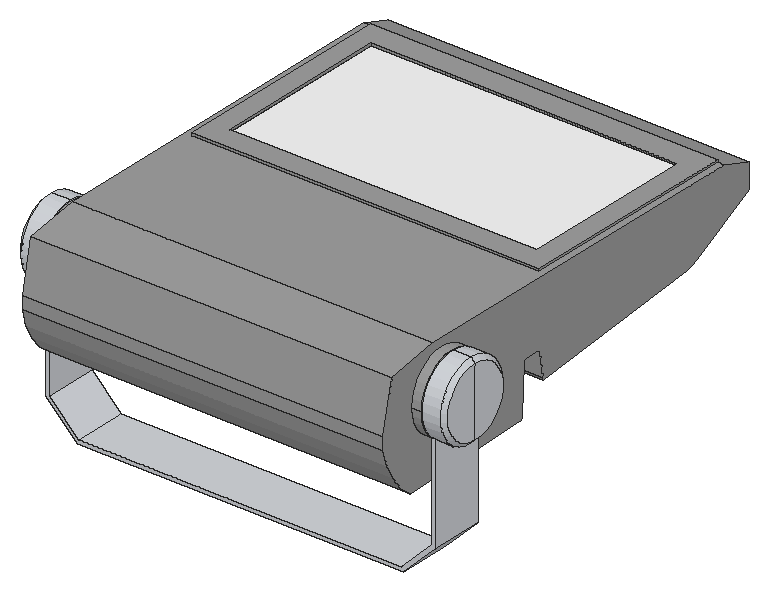
Revit family "0049102 Feilo Sylvania Lighting Fixture SYLVEO LED 3000LM RASYM 4K", category Lighting Fixtures, host Face, Revit 2017
Family settings
  Host = Face
  Round Connector Dimension = Use Diameter
  Part Type = Normal
  OmniClass Number = 23.80.70.00
  OmniClass Title = Lighting
  Cut with Voids When Loaded = No
  Light Source = No
  Shared = No
  Room Calculation Point = No
Parameters (values of type "0049102 SYLVEO LED 3000LM RASYM 4K")
  _DistributedBy = ""
  _CurrentRevision = 0
  _CreatedBy = "http://www.feilosylvania.com"
  _BimstoreBibleVersion = "Version 15"
  _BimSpecGuid = 0
  _Author = "n/a"
  Weight = "10.986 kg"
  Wattage Comments = "n/a"
  WarrantyStartDate [instance] = "n/a"
  WarrantyGuarantorParts = "n/a"
  WarrantyDurationUnit = "n/a"
  WarrantyDurationParts = "n/a"
  WarrantyDescription = "n/a"
  Voltage = 230 V
  URL = "http://www.sylvania-lighting.com"
  TypeName = "SYLVEO LED 3000LM RASYM 4K"
  TypeBody_FEILO = Sylveo Body S : 0049102 SYLVEO LED 3000LM RASYM 4K
  Type Image = <None>
  Type Comments = "n/a"
  TotalWidth = 205 mm
  TiltAngle [instance] = 0.00°
  StartAngle [instance] = -TiltAngle  # 0.00°
  PhotobiologicalRiskGroup = "RG1"
  Material_4_FEILO = none
  Material_3_FEILO = Diffuser-Sylvania-Glow
  Material_2_FEILO = Default
  Material_1_FEILO = none
  LuminousFlux = 3189 lm
  EndAngle [instance] = StartAngle + 180.00°  # 180.00°
  SerialNumber [instance] = "n/a"
  PowerFactor = 0
  PowerConsumption = "30.3 W"
  NominalLength = 205 mm
  NominalHeight = 219 mm
  NominalDepth = 59 mm
  Name = "SYLVEO LED 3000LM RASYM 4K"
  NBSReference = "n/a"
  NBSOfficeMasterTag = "n/a"
  NBSObjectName = "n/a"
  NBSNote = "n/a"
  NBSDescription = "n/a"
  ModelReference = "SYLVEO LED 3000LM RASYM 4K"
  ModelNumber = "0049102"
  Model = ModelReference  # "SYLVEO LED 3000LM RASYM 4K"
  Material = "aluminium housing, glass diffuser"
  ManufacturerName = "Feilo Sylvania"
  Manufacturer = "Feilo Sylvania"
  LuminaireType = ""
  LuminairePowerFactor = "n/a"
  LightOutputRatio = "100"
  LampsType = "LED"
  LampsColourRenderingIndex = "70"
  Lamp = "LED"
  Keynote = "16500"
  InstallationDate [instance] = "n/a"
  InputVoltage = "100-240V~"
  InputNominalFrequency = "50 Hz"
  IngressProtection = "IP66"
  ImpactProtectionIndex = "IK08"
  IfcExportType = "IfcLightFixtureType"
  IfcExportAs = "IfcLightFixtureType"
  Finish = "Die cast"
  ExpectedLife = 50000
  ElectricShockClassification = "Class I"
  DurationUnit = "hours"
  DocumentationLiterature = "http://www.sylvania-lighting.com/product/en-int/products/0049102"
  DimmingControlOptions = "Non dimmable"
  Diffuser Material = "Glass"
  Diffuser Finish = "Clear"
  Description = "Exterior LED Floodlight, comes complete with a 1000mm cable and adjustable bracket, aluminium housing, clear glass diffuser, IP66, IK08, Class I, 4000K, Non-dimming, 3189lm, 30W, 105lm/W, 850mA, CRI70, 52°x117° beam angle, 50000hrs, (LxWxD) 49x205x219mm"
  Default Elevation = 1219.2 mm
  CreatedOn = "1/9/2018"
  CreatedBy = ""
  Cost = 0
  ColorTemperature = 4000 K
  ColorConsistency(SDCM) = "6"
  Color = "Aluminium"
  built-in parameter 1114216 [instance] = (empty or 0)
  ClassificationValue = "EF_70_80"
  ClassificationName = "Uniclass2015"
  BracketWidth = 25 mm
  BracketInnerWidth = 183 mm
  BracketExtrusionStart = -BracketWidth / 2  # -12.5 mm
  BracketExtrusionEnd = BracketWidth / 2  # 12.5 mm
  BarCode [instance] = "n/a"
  BIMObjectName = "n/a"
  AssetType = "Fixed"
  AssetIdentifier [instance] = "n/a"
  Assembly Code = "D5020200"
  Apparent Load = 30.3 VA
Reference planes
  plane 1 "Center (Front/Back)": y = 0
  plane 2: z = 0
  plane 3 "Center (Left/Right)": x = 0
  plane 4: x = 91.5
  plane 5: x = -91.5
  plane 6: z = 76
  plane 7: x = 102.5
  plane 8: x = -102.5
  plane 9: z = 94.5
  plane 10: z = 57.5
  plane 11: x = 100.5
  plane 12: x = -100.5
  plane 13: x = 93.5
  plane 14: x = -93.5
  plane 15: z = 2
  plane 16: z = 16
  plane 17: x = 77.5
  plane 18: x = -77.5
  plane 19: z = 59.5
Forms (mm)
  Extrusion 1, solid
    sketch origin (0, 0, 0) x (1, 0, 0) y (0, 0, 1)
      loop
        line (0, 2) -> (0, 0) -> (78.328, 0) -> (93.5, 15.172) -> (93.5, 76) -> (91.5, 76) -> (91.5, 16) -> (77.5, 2) -> (0, 2)
    from -12.5 to 12.5 <- "BracketExtrusionEnd"
  Extrusion 2, solid
    sketch origin (0, 0, 0) x (-1, 0, 0) y (0, 0, -1)
      loop
        line (0, -2) -> (77.5, -2) -> (91.5, -16) -> (91.5, -76) -> (93.5, -76) -> (93.5, -15.172) -> (78.328, 0) -> (0, 0) -> (0, -2)
    from -12.5 to 12.5 <- "BracketExtrusionEnd"
  Revolve 3, solid
    sketch origin (0, 0, 0) x (1, 0, 0) y (0, 0, 1)
      loop
        line (-91.5, 76) -> (-102.5, 76) -> (-102.5, 59.5) -> (-100.5, 57.5) -> (-91.5, 57.5) -> (-91.5, 76)
      axis (-91.5, 76) -> (-102.5, 76)
    angle from 0 to 360
  Revolve 4, solid
    sketch origin (0, 0, 0) x (-1, 0, 0) y (0, 0, 1)
      loop
        line (-91.5, 76) -> (-102.5, 76) -> (-102.5, 59.5) -> (-100.5, 57.5) -> (-91.5, 57.5) -> (-91.5, 76)
      axis (-91.5, 76) -> (-102.5, 76)
    angle from 0 to 360
  Revolve 5, solid, not visible
    sketch origin (181.107, 0, 76) x (1, 0, 0) y (0, 1, 0)
      loop
        line (-191.101, 0) -> (-171.112, 0) -> (-171.112, 10) -> (-191.101, 10) -> (-191.101, 0)
      axis (-171.112, 0) -> (-191.101, 0)
    angle from 0 <- "StartAngle" to 180 <- "EndAngle"
Cuts and joins
  joined: Extrusion 1, Extrusion 2, Revolve 3, Revolve 4
Dimensions and locks
  equal spacing: plane 5, plane 3 "Center (Left/Right)", plane 4
  "BracketInnerWidth": plane 5 to plane 4
  equal spacing: plane 7, plane 3 "Center (Left/Right)", plane 8
  "TotalWidth": plane 7 to plane 8
  locked: plane 2 to plane 6 at 76
  equal spacing: plane 10, plane 6, plane 9
  locked: plane 10 to plane 9 at 37
  equal spacing: plane 11, plane 3 "Center (Left/Right)", plane 12
  locked: plane 11 to plane 12 at 201
  equal spacing: plane 13, plane 3 "Center (Left/Right)", plane 14
  locked: plane 13 to plane 14 at 187
  locked: plane 2 to plane 16 at 16
  locked: plane 2 to plane 15 at 2
  equal spacing: plane 17, plane 3 "Center (Left/Right)", plane 18
  locked: plane 17 to plane 18 at 155
  locked: plane 19 to plane 10 at 2
  locked: Revolve 5 sketch curve to Revolve 5 sketch curve at 10
  equal spacing: Revolve 5 sketch curve, plane 3 "Center (Left/Right)", Revolve 5 sketch curve
  locked: Revolve 5 sketch curve to Revolve 5 sketch curve at 19.988
  aligned and locked: plane 2 to host face
  aligned and locked: level to host face
  aligned and locked: Revolve 3 sketch curve to plane 10
  aligned and locked: Revolve 3 sketch curve to plane 8
  aligned and locked: plane 5 to Revolve 3 sketch curve
  aligned and locked: Revolve 3 sketch curve to plane 6  (x2)
  aligned and locked: Revolve 5 sketch curve to plane 1 "Center (Front/Back)"
  aligned and locked: plane 3 "Center (Left/Right)" to nested 1
Automatic sketch dimensions
  host sketch curve to host sketch curve = 2438.4 mm  (x2)
  Extrusion 1 sketch curve to plane 3 "Center (Left/Right)" = 0 mm  (x2)
  Extrusion 1 sketch curve to level = 0 mm  (x2)
  Extrusion 1 sketch curve to plane 15 = 0 mm
  Extrusion 1 sketch curve to plane 17 = 0 mm
  plane 4 to Extrusion 1 sketch curve = 0 mm
  Extrusion 1 sketch curve to plane 13 = 0 mm  (x2)
  Extrusion 1 sketch curve to plane 6 = 0 mm  (x2)
  Extrusion 1 sketch curve to plane 16 = 0 mm
  plane 17 to Extrusion 1 sketch curve = 0.828 mm
  Extrusion 1 sketch curve to plane 16 = 0.828 mm
  Extrusion 2 sketch curve to plane 3 "Center (Left/Right)" = 0 mm  (x2)
  Extrusion 2 sketch curve to level = 0 mm  (x2)
  Extrusion 2 sketch curve to plane 15 = 0 mm
  plane 18 to Extrusion 2 sketch curve = 0 mm
  plane 5 to Extrusion 2 sketch curve = 0 mm
  plane 14 to Extrusion 2 sketch curve = 0 mm  (x2)
  Extrusion 2 sketch curve to plane 6 = 0 mm  (x2)
  Extrusion 2 sketch curve to plane 16 = 0 mm
  Extrusion 2 sketch curve to plane 18 = 0.828 mm
  plane 16 to Extrusion 2 sketch curve = 0.828 mm
  plane 12 to Revolve 3 sketch curve = 0 mm
  Revolve 3 sketch curve to plane 19 = 0 mm
  plane 8 to Revolve 3 sketch curve = 77.715 mm
  plane 7 to Revolve 3 sketch curve = 78.607 mm
  Revolve 4 sketch curve to plane 6 = 0 mm  (x2)
  Revolve 4 sketch curve to plane 7 = 0 mm
  Revolve 4 sketch curve to plane 10 = 0 mm
  Revolve 4 sketch curve to plane 11 = 0 mm
  plane 4 to Revolve 4 sketch curve = 0 mm
  Revolve 4 sketch curve to plane 19 = 0 mm
  Revolve 4 sketch curve to Revolve 4 sketch curve = 77.715 mm
  Revolve 4 sketch curve to plane 8 = 78.607 mm
  plane 1 "Center (Front/Back)" to Revolve 5 sketch curve = 0 mm
  plane 8 to Revolve 5 sketch curve = 1421.5 mm
  plane 7 to Revolve 5 sketch curve = 1421.5 mm
Nested families
  nested 1: "Sylveo Body S" at (0, 72.991, 76), type <- "TypeBody_FEILO", type "0049102 SYLVEO LED 3000LM RASYM 4K"
Connectors
  electrical at (0, 0, 0), driven by "Apparent Load", driven by "PowerFactor", driven by "Voltage"
    settings: index 1, voltage 230 V, apparent load 30.3 VA, apparent load phase1 0 VA, apparent load phase2 0 VA, apparent load phase3 0 VA, power factor 0, load classification "Lighting", number of poles 1, system type 30, power factor state 1, is connector primary yes, connector utility no, sub classification motor no, connector description ""
Definition of nested family "Sylveo Body S"
  Parameters (values of type "0049105 SYLVEO LED 3000LM RASYM 3K")
    Wattage = 30.8 W
    built-in parameter 1150110 = 1 (stored number, unit not read)
    VoidExtrusionStart = -BodyWidth / 2  # -86.5 mm
    URL = "http://www.feilosylvania.com"
    Type Comments = "n/a"
    built-in parameter 1114217 = 1 (stored number, unit not read)
    Tilt Angle = -90.00°
    built-in parameter 1150109 = 1 (stored number, unit not read)
    built-in parameter 1150134 = (empty or 0)
    built-in parameter 1150113 = 1 (stored number, unit not read)
    Photometric Web File = "0049105.ies"
    Model = "SYLVEO LED 3000LM RASYM 3K"
    Material_4_FEILO = none
    Material_3_FEILO = none
    Material_2_FEILO = none
    Material_1_FEILO = none
    Manufacturer = "Feilo Sylvania"
    built-in parameter 1150105 = 1613.6 (stored number, unit not read)
    Lumens = 3123.12 lm
    built-in parameter 1150115 = 1 (stored number, unit not read)
    built-in parameter 1150137 = (empty or 0)
    built-in parameter 1150139 = (empty or 0)
    built-in parameter 1150112 = 1 (stored number, unit not read)
    built-in parameter 1150114 = 1 (stored number, unit not read)
    Lamp = "LED"
    Keynote = "16500"
    built-in parameter 1150132 = (empty or 0)
    built-in parameter 1150102 = (empty or 0)
    built-in parameter 1150107 = 3000 (stored number, unit not read)
    built-in parameter 1150138 = (empty or 0)
    built-in parameter 1150106 = 16.136 (stored number, unit not read)
    Emit from Rectangle Width = 84 mm
    Emit from Rectangle Length = 147 mm
    Emit Shape Visible in Rendering = no
    built-in parameter 1150104 = 9.4204 (stored number, unit not read)
    Dimming Lamp Color Temperature Shift = (empty or 0)
    Description = "Exterior LED Floodlight, comes complete with a 1000mm cable and adjustable bracket, aluminium housing, clear glass diffuser, IP66, IK08, Class I, 3000K, Non-dimming, 3122lm, 31W, 101lm/W, 850mA, CRI70, 52°x117° beam angle, 50000hrs, (LxWxD) 49x205x219mm"
    Default Elevation = 1219.2 mm
    Cost = 0
    Color Filter = 16777215
    BodyWidth = 173 mm
    BodyHeight = 219 mm
    BodyExtrusionEnd = -BodyDepth  # -59 mm
    BodyDepth = 59 mm
    built-in parameter 1114218 = 1 (stored number, unit not read)
    built-in parameter 1150133 = 10 (stored number, unit not read)
    Assembly Code = "D5020200"
    Apparent Load = 30.8 VA
  Types (6, lengths in mm): name | Wattage | built-in parameter 1150134 | Photometric Web File | Model | built-in parameter 1150105 | Lumens | built-in parameter 1150107 | built-in parameter 1150106 | built-in parameter 1150104 | Description | Apparent Load
    0049105 SYLVEO LED 3000LM RASYM 3K | 30.8 W | (empty or 0) | "0049105.ies" | "SYLVEO LED 3000LM RASYM 3K" | 1613.6 (stored number, unit not read) | 3123.12 lm | 3000 (stored number, unit not read) | 16.136 (stored number, unit not read) | 9.4204 (stored number, unit not read) | "Exterior LED Floodlight, comes complete with a 1000mm cable and adjustable bracket, aluminium housing, clear glass diffuser, IP66, IK08, Class I, 3000K, Non-dimming, 3122lm, 31W, 101lm/W, 850mA, CRI70, 52°x117° beam angle, 50000hrs, (LxWxD) 49x205x219mm" | 30.8 VA
    0049104 SYLVEO LED 3000LM WIDE 3K | 30.5 W | (empty or 0) | "0049104.ies" | "SYLVEO LED 3000LM WIDE 3K" | 3931.7 (stored number, unit not read) | 3089.65 lm | 3000 (stored number, unit not read) | 39.317 (stored number, unit not read) | 9.4111 (stored number, unit not read) | "Exterior LED Floodlight, comes complete with a 1000mm cable and adjustable bracket, aluminium housing, clear glass diffuser, IP66, IK08, Class I, 3000K, Non-dimming, 3090lm, 31W, 101lm/W, 850mA, CRI70, 52° beam angle, 50000hrs, (LxWxD) 49x205x219mm" | 30.5 VA
    0049103 SYLVEO LED 3000LM NAR 3K | 30.2 W | (empty or 0) | "0049103.ies" | "SYLVEO LED 3000LM NAR 3K" | 12950.9 (stored number, unit not read) | 3041.14 lm | 3000 (stored number, unit not read) | 129.51 (stored number, unit not read) | 9.3553 (stored number, unit not read) | "Exterior LED Floodlight, comes complete with a 1000mm cable and adjustable bracket, aluminium housing, clear glass diffuser, IP66, IK08, Class I, 3000K, Non-dimming, 3041lm, 30W, 101lm/W, 850mA, CRI70, 21° beam angle, 50000hrs, (LxWxD) 49x205x219mm" | 30.2 VA
    0049102 SYLVEO LED 3000LM RASYM 4K | 30.3 W | 12 | "0049102.ies" | "SYLVEO LED 3000LM RASYM 4K" | 1646.9 (stored number, unit not read) | 3187.56 lm | 4000 (stored number, unit not read) | 16.469 (stored number, unit not read) | 9.7734 (stored number, unit not read) | "Exterior LED Floodlight, comes complete with a 1000mm cable and adjustable bracket, aluminium housing, clear glass diffuser, IP66, IK08, Class I, 4000K, Non-dimming, 3189lm, 30W, 105lm/W, 850mA, CRI70, 52°x117° beam angle, 50000hrs, (LxWxD) 49x205x219mm" | 30.3 VA
    0049101 SYLVEO LED 3000LM WIDE 4K | 32.2 W | 12 | "0049101.ies" | "SYLVEO LED 3000LM WIDE 4K" | 3985.3 (stored number, unit not read) | 3400.32 lm | 4000 (stored number, unit not read) | 39.853 (stored number, unit not read) | 9.8106 (stored number, unit not read) | "Exterior LED Floodlight, comes complete with a 1000mm cable and adjustable bracket, aluminium housing, clear glass diffuser, IP66, IK08, Class I, 4000K, Non-dimming, 3400lm, 32W, 106lm/W, 850mA, CRI70, 52° beam angle, 50000hrs, (LxWxD) 49x205x219mm" | 32.2 VA
    0049100 SYLVEO LED 3000LM NAR 4K | 30.5 W | 12 | "0049100.ies" | "SYLVEO LED 3000LM NAR 4K" | 13402.6 (stored number, unit not read) | 3089.65 lm | 4000 (stored number, unit not read) | 134.03 (stored number, unit not read) | 9.4111 (stored number, unit not read) | "Exterior LED Floodlight, comes complete with a 1000mm cable and adjustable bracket, aluminium housing, clear glass diffuser, IP66, IK08, Class I, 4000K, Non-dimming, 3090lm, 31W, 101lm/W, 850mA, CRI70, 21° beam angle, 50000hrs, (LxWxD) 49x205x219mm" | 30.5 VA
  Reference planes
    plane 1 "Center (Front/Back)": y = 0
    plane 2: z = 0
    plane 3 "Center (Left/Right)": x = 0
    plane 4: x = -86.5
    plane 5: x = 86.5
    plane 6: y = 110.708
    plane 7: y = -108.292
    plane 8: y = 96.384
    plane 9: y = 84.647
    plane 10: y = -0.668
    plane 11: y = -10.878
    plane 12: y = -54.493
    plane 13: y = -91.489
    plane 14: y = -72.991
    plane 15: x = -102.515
    plane 16: x = 102.515
    plane 17: x = -73.649
    plane 18: x = 73.649
    plane 19: x = -91.536
    plane 20: x = 91.536
    plane 21: z = 0
    plane 22: z = 22
    plane 23: x = -83.139
    plane 24: x = 83.139
    plane 25: y = -103.292
    plane 26: y = -78.292
    plane 27: z = -5.309
    plane 28: z = -11.402
    plane 29: y = -25.118
    plane 30: y = -23.893
    plane 31: z = -8.976
    plane 32: y = -14.493
    plane 33: y = -12.511
    plane 34: y = 77.218
    plane 35: z = 17
    plane 36: z = -13.634
    plane 37: z = 5
    plane 38: z = -22.951
    plane 39: z = -34.41
    plane 40: z = 17.785
    plane 41: y = 42.323
  Forms (mm)
    Extrusion 1, solid
      sketch origin (-0.8, 0, 0) x (1, 0, 0) y (0, 1, 0)
        loop
          line (-1219.2, 1219.2) -> (-1219.2, -1219.2) -> (1219.2, -1219.2) -> (1219.2, 1219.2) -> (-1219.2, 1219.2)
      from 0 to -304.8
    Revolve 2, solid, material <- "Material_2_FEILO"
      sketch origin (144.148, 0, 0) x (1, 0, 0) y (0, 1, 0)
        loop
          line (-235.684, -72.991) -> (-52.612, -72.991) -> (-52.612, -54.493) -> (-235.684, -54.493) -> (-235.684, -72.991)
        axis (-235.684, -72.991) -> (-52.612, -72.991)
      angle from 0 to 360
    Extrusion 3, solid, material <- "Material_2_FEILO"
      sketch origin (0, -146.667, 22) x (0, -1, 0) y (1, 0, 0)
        loop
          line (-257.375, -86.5) -> (-38.375, -86.5) -> (-38.375, 86.5) -> (-257.375, 86.5) -> (-257.375, -86.5)
      from 0 to -59 <- "BodyExtrusionEnd"
    Extrusion 4, void
      sketch origin (0, 0, 0) x (0, 1, 0) y (0, 0, 1)
        loop
          line (-78.292, 22) -> (-108.292, 22) -> (-108.292, -5.309) -> (-103.292, 17.785) -> (-78.292, 22)
        loop
          line (-108.292, -11.402) -> (-108.292, -37) -> (-91.489, -37)
          arc (-91.489, -37) -> (-102.558, -25.952) -> (-108.292, -11.402) r 38.329
      from -86.5 <- "VoidExtrusionStart" to 173 <- "BodyWidth"
    Extrusion 5, void
      sketch origin (0, 0, 0) x (0, 1, 0) y (0, 0, 1)
        loop
          line (-91.489, -37) -> (110.708, -37) -> (110.708, 5) -> (80.083, -12.039)
          arc (80.083, -12.039) -> (77.118, -13.316) -> (73.956, -13.972) r 16
          line (73.956, -13.972) -> (-11.553, -22.851)
          arc (-11.553, -22.851) -> (-12.272, -22.645) -> (-12.646, -21.997) r 1
          line (-12.646, -21.997) -> (-14.371, -9.836)
          arc (-14.371, -9.836) -> (-14.706, -9.221) -> (-15.361, -8.976) r 1
          line (-15.361, -8.976) -> (-22.94, -8.976)
          arc (-22.94, -8.976) -> (-23.63, -9.252) -> (-23.939, -9.928) r 1
          line (-23.939, -9.928) -> (-25.074, -33.494)
          arc (-25.074, -33.494) -> (-25.381, -34.133) -> (-26.034, -34.41) r 1.003
          line (-26.034, -34.41) -> (-91.489, -37)
        loop
          line (110.708, 17) -> (110.708, 22) -> (96.384, 22) -> (110.708, 17)
      from -86.5 <- "VoidExtrusionStart" to 173 <- "BodyWidth"
    Extrusion 6, solid, material <- "Material_2_FEILO"
      sketch origin (0, -146.667, 22) x (0, -1, 0) y (1, 0, 0)
        loop
          line (-243.051, -83.139) -> (-135.789, -83.139) -> (-135.789, 83.139) -> (-243.051, 83.139) -> (-243.051, -83.139)
        loop
          line (-231.314, -73.649) -> (-146.667, -73.649) -> (-146.667, 73.649) -> (-231.314, 73.649) -> (-231.314, -73.649)
      from 0 to 1
    Extrusion 7, void
      sketch origin (0, -146.667, 22) x (1, 0, 0) y (0, -1, 0)
        loop
          line (-73.649, -231.314) -> (73.649, -231.314) -> (73.649, -146.667) -> (-73.649, -146.667) -> (-73.649, -231.314)
      from 0 to 12
    Extrusion 8, solid, material <- "Material_3_FEILO"
      sketch origin (0, -146.667, 22) x (0, -1, 0) y (1, 0, 0)
        loop
          line (-231.314, -73.649) -> (-146.667, -73.649) -> (-146.667, 73.649) -> (-231.314, 73.649) -> (-231.314, -73.649)
      from 0 to -1
  Cuts and joins
    Extrusion 4, Extrusion 5, Extrusion 7 cuts Extrusion 3
    joined: Revolve 2, Extrusion 3
  Lines and regions (mm)
    reference lines
      curve 1: line (0, -108.292, -5.309) -> (0, -108.292, -11.402)
  Dimensions and locks
    equal spacing: plane 4, plane 3 "Center (Left/Right)", plane 5
    "BodyWidth": plane 4 to plane 5
    "BodyHeight": plane 6 to plane 7
    locked: plane 1 "Center (Front/Back)" to plane 7 at 108.292
    locked: plane 13 to plane 7 at 16.803
    locked: plane 14 to plane 7 at 35.301
    equal spacing: plane 12, plane 14, plane 13
    locked: plane 11 to plane 7 at 97.414
    locked: plane 10 to plane 7 at 107.624
    locked: plane 1 "Center (Front/Back)" to plane 9 at 84.647
    locked: plane 8 to plane 1 "Center (Front/Back)" at 96.384
    equal spacing: plane 15, plane 3 "Center (Left/Right)", plane 16
    locked: plane 15 to plane 16 at 205.031
    equal spacing: plane 17, plane 3 "Center (Left/Right)", plane 18
    locked: plane 17 to plane 18 at 147.299
    equal spacing: plane 19, plane 3 "Center (Left/Right)", plane 20
    locked: plane 19 to plane 20 at 183.072
    equal spacing: plane 23, plane 3 "Center (Left/Right)", plane 24
    locked: plane 23 to plane 24 at 166.278
    locked: plane 21 to plane 22 at 22
    locked: curve 1 to curve 1 at 6.092
    locked: plane 7 to plane 26 at 30
    locked: plane 21 to plane 27 at 5.309
    locked: plane 21 to plane 28 at 11.402
    locked: plane 7 to plane 29 at 83.174
    locked: plane 7 to plane 30 at 84.399
    locked: plane 21 to plane 31 at 8.976
    locked: plane 7 to plane 32 at 93.799
    locked: plane 7 to plane 33 at 95.781
    locked: plane 7 to plane 34 at 185.51
    locked: plane 21 to plane 35 at 17
    locked: plane 36 to plane 21 at 13.634
    locked: plane 21 to plane 37 at 5
    locked: plane 21 to plane 38 at 22.951
    locked: plane 21 to plane 39 at 34.41
    locked: plane 40 to plane 21 at 17.785
    locked: plane 7 to plane 25 at 5
    equal spacing: Extrusion 6, Extrusion 7 sketch curve, plane 24
    equal spacing: plane 1 "Center (Front/Back)", plane 41, plane 9
    aligned and locked: plane 2 to Extrusion 1
    aligned and locked: level to Extrusion 1
    aligned and locked: Revolve 2 sketch curve to plane 14  (x2)
    aligned and locked: plane 19 to Revolve 2 sketch curve
    aligned and locked: plane 12 to Revolve 2 sketch curve
    aligned and locked: Revolve 2 sketch curve to plane 20
    aligned and locked: level to plane 21
    aligned and locked: Extrusion 3 sketch curve to plane 6
    aligned and locked: plane 4 to Extrusion 3 sketch curve
    aligned and locked: plane 7 to Extrusion 3 sketch curve
    aligned and locked: Extrusion 3 sketch curve to plane 5
    aligned and locked: plane 40 to Extrusion 4 sketch curve
    aligned and locked: Extrusion 4 sketch curve to curve 1
    aligned and locked: plane 22 to Extrusion 4 sketch curve
    aligned and locked: curve 1 to Extrusion 4 sketch curve
    aligned and locked: Extrusion 4 sketch curve to Extrusion 3
    aligned and locked: plane 39 to Extrusion 5 sketch curve
    aligned and locked: plane 6 to Extrusion 5 sketch curve  (x2)
    aligned and locked: Extrusion 5 sketch curve to plane 22
    aligned and locked: Extrusion 6 sketch curve to plane 8
    aligned and locked: plane 23 to Extrusion 6 sketch curve
    aligned and locked: plane 11 to Extrusion 6 sketch curve
    aligned and locked: Extrusion 6 sketch curve to plane 24
    aligned and locked: plane 9 to Extrusion 6 sketch curve
    aligned and locked: plane 17 to Extrusion 6 sketch curve
    aligned and locked: Extrusion 6 sketch curve to plane 1 "Center (Front/Back)"
    aligned and locked: plane 18 to Extrusion 6 sketch curve
    aligned and locked: Extrusion 7 sketch curve to Extrusion 6  (x3)
    aligned and locked: Extrusion 8 sketch curve to cut or joined group of Revolve 2, Extrusion 3, Extrusion 4, Extrusion 5, Extrusion 7  (x4)
    aligned and locked: imposter light to plane 3 "Center (Left/Right)"
    aligned and locked: imposter light to plane 41
    aligned and locked: imposter light to plane 22
  Automatic sketch dimensions
    Extrusion 1 sketch curve to Extrusion 1 sketch curve = 2438.4 mm  (x2)
    plane 15 to Revolve 2 sketch curve = 90.323 mm
    plane 16 to Revolve 2 sketch curve = 82.977 mm
    curve 1 to level = 11.402 mm
    curve 1 to plane 7 = 0 mm
    Extrusion 4 sketch curve to plane 25 = 0 mm
    Extrusion 4 sketch curve to plane 13 = 0 mm
    Extrusion 4 sketch curve to plane 26 = 0 mm
    Extrusion 4 sketch curve to plane 28 = 0 mm
    Extrusion 4 sketch curve to plane 27 = 0 mm
    plane 27 to Extrusion 4 sketch curve = 0.391 mm
    Extrusion 7 sketch curve to plane 18 = 0 mm
    Extrusion 5 sketch curve to plane 13 = 0 mm
    Extrusion 5 sketch curve to plane 31 = 0 mm
    Extrusion 5 sketch curve to plane 8 = 0 mm
    plane 37 to Extrusion 5 sketch curve = 0 mm
    plane 35 to Extrusion 5 sketch curve = 0 mm
    plane 29 to Extrusion 5 sketch curve = 0.955 mm
    plane 29 to Extrusion 5 sketch curve = 0.916 mm
    Extrusion 5 sketch curve to plane 29 = 0.044 mm
    Extrusion 5 sketch curve to plane 30 = 0.046 mm
    plane 30 to Extrusion 5 sketch curve = 0.953 mm
    Extrusion 5 sketch curve to plane 32 = 0.868 mm
    plane 32 to Extrusion 5 sketch curve = 0.122 mm
    Extrusion 5 sketch curve to plane 33 = 0.135 mm
    Extrusion 5 sketch curve to plane 11 = 0.778 mm
    plane 38 to Extrusion 5 sketch curve = 0.099 mm
    Extrusion 5 sketch curve to plane 11 = 0.675 mm
    level to Extrusion 5 sketch curve = 1.942 mm
    Extrusion 5 sketch curve to plane 34 = 4.914 mm
    Extrusion 5 sketch curve to plane 28 = 0.638 mm
    plane 34 to Extrusion 5 sketch curve = 2.865 mm
    Extrusion 5 sketch curve to plane 39 = 2.59 mm
    plane 39 to Extrusion 5 sketch curve = 0.915 mm
    plane 38 to Extrusion 5 sketch curve = 0.954 mm
    Extrusion 5 sketch curve to Extrusion 5 sketch curve = 1 mm  (x2)
    plane 36 to Extrusion 5 sketch curve = 0.339 mm
